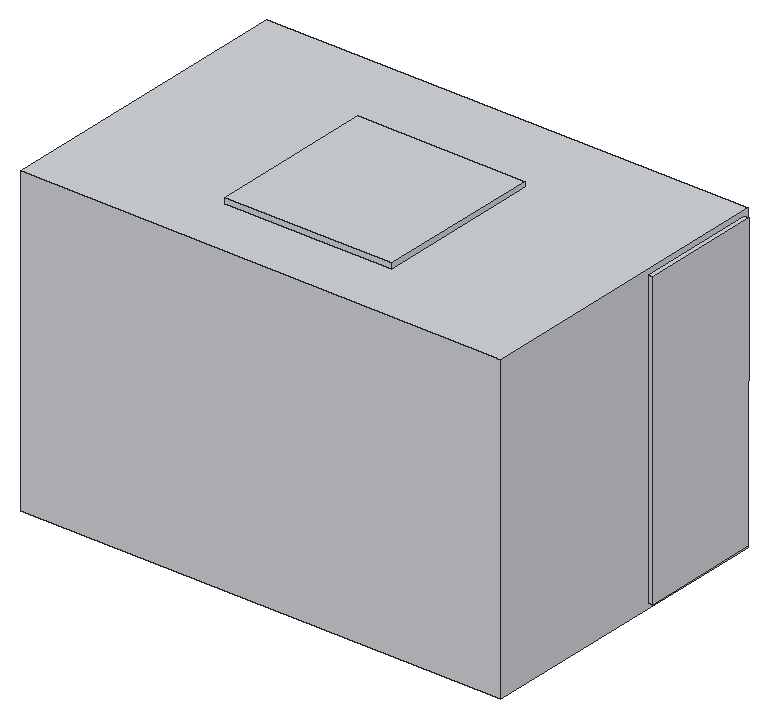
Revit family "M_Módulo do ventilador - Descarga dianteira", category Equipamento mecânico, Revit 2019
Family settings
  Cota do conector redondo = Utilizar diâmetro
  Tipo de parte = Normal
  ID de item do Seek = Fan Module - Front Discharge Up-0000-CAN-ENU
  Com base no plano de trabalho = Não
  Sempre na vertical = Sim
  Corte com vazios quando carregada = Não
  Compartilhado = Não
  Ponto de cálculo do ambiente = Não
Parameters (values of type "9870 LPS")
  Largura = 609.6 mm
  Voltagem = 480 V
  Raio do motor do símbolo = Largura de meia entrada * 0.4  # 490 mm
  Comprimento do símbolo = Largura do ventilador / 2 - Raio do motor do símbolo - 50.8 mm  # 246.6 mm
  Raio 2 = 1 / 6 * Comprimento do ventilador  # 408.333 mm
  Largura da saída = Altura da saída  # 850 mm
  Altura da saída = 850 mm
  Classificação de carga = Refrigeração
  Pressão estática externa [instance] = 186.63 Pa
  Número de pólos = 3
  Largura interna = Altura do ventilador  # 1550 mm
  Altura interna = Comprimento do ventilador  # 2450 mm
  Largura de meia entrada = Comprimento do ventilador / 2  # 1225 mm
  Altura de meia entrada = Largura do ventilador / 2  # 787.4 mm
  Altura do meio ventilador = Altura do ventilador / 2  # 775 mm
  Largura de meia tomada = Largura da saída / 2  # 425 mm
  Altura de meia tomada = Altura da saída / 2  # 425 mm
  Largura do ventilador = 1574.8 mm
  Material do ventilador = none
  Comprimento do ventilador = 2450 mm
  Altura do ventilador = 1550 mm
  Carga aparente [instance] = 120000 VA
  Fluxo de ar [instance] = 9910.9 L/s
Types (17, lengths in mm): name | Largura | Voltagem | Raio do motor do símbolo | Comprimento do símbolo | Raio 2 | Largura da saída | Altura da saída | Largura interna | Altura interna | Largura de meia entrada | Altura de meia entrada | Altura do meio ventilador | Largura de meia tomada | Altura de meia tomada | Largura do ventilador | Comprimento do ventilador | Altura do ventilador | Carga aparente | Fluxo de ar
  (no name) | 609.6 | 480 V | 490 | 246.6 | 408.333 | 850 | 850 | 1550 | 2450 | 1225 | 787.4 | 775 | 425 | 425 | 1574.8 | 2450 | 1550 | 120000 VA | 9910.9 L/s
  846 LPS | 406.4 | 208 V | 160 | 246.4 | 133.333 | 300 | 300 | 650 | 800 | 400 | 457.2 | 325 | 150 | 150 | 914.4 | 800 | 650 | 13000 VA | 849.51 L/s
  1692 LPS | 406.4 | 208 V | 220 | 262.6 | 183.333 | 400 | 400 | 700 | 1100 | 550 | 533.4 | 350 | 200 | 200 | 1066.8 | 1100 | 700 | 26000 VA | 1699.01 L/s
  2256 LPS | 406.4 | 208 V | 240 | 268 | 200 | 450 | 450 | 800 | 1200 | 600 | 558.8 | 400 | 225 | 225 | 1117.6 | 1200 | 800 | 32000 VA | 2265.35 L/s
  2820 LPS | 406.4 | 208 V | 300 | 81 | 250 | 500 | 500 | 850 | 1500 | 750 | 431.8 | 425 | 250 | 250 | 863.6 | 1500 | 850 | 44000 VA | 2831.68 L/s
  3384 LPS | 406.4 | 208 V | 330 | 101.8 | 275 | 550 | 550 | 950 | 1650 | 825 | 482.6 | 475 | 275 | 275 | 965.2 | 1650 | 950 | 53000 VA | 3398.02 L/s
  3948 LPS | 406.4 | 208 V | 350 | 107.2 | 291.667 | 600 | 600 | 1000 | 1750 | 875 | 508 | 500 | 300 | 300 | 1016 | 1750 | 1000 | 63000 VA | 3964.36 L/s
  4794 LPS | 406.4 | 208 V | 380 | 128 | 316.667 | 700 | 700 | 1100 | 1900 | 950 | 558.8 | 550 | 350 | 350 | 1117.6 | 1900 | 1100 | 75000 VA | 4813.86 L/s
  5922 LPS | 609.6 | 208 V | 390 | 194.2 | 325 | 700 | 700 | 1250 | 1950 | 975 | 635 | 625 | 350 | 350 | 1270 | 1950 | 1250 | 95000 VA | 5946.54 L/s
  7050 LPS | 609.6 | 208 V | 400 | 260.4 | 333.333 | 800 | 800 | 1400 | 2000 | 1000 | 711.2 | 700 | 400 | 400 | 1422.4 | 2000 | 1400 | 95000 VA | 7079.21 L/s
  8460 LPS | 609.6 | 208 V | 470 | 190.4 | 391.667 | 800 | 800 | 1400 | 2350 | 1175 | 711.2 | 700 | 400 | 400 | 1422.4 | 2350 | 1400 | 120000 VA | 8495.05 L/s
  9870 LPS | 609.6 | 480 V | 490 | 246.6 | 408.333 | 850 | 850 | 1550 | 2450 | 1225 | 787.4 | 775 | 425 | 425 | 1574.8 | 2450 | 1550 | 120000 VA | 9910.9 L/s
  11280 LPS | 665.2 | 480 V | 560 | 176.6 | 466.667 | 950 | 950 | 1550 | 2800 | 1400 | 787.4 | 775 | 475 | 475 | 1574.8 | 2800 | 1550 | 120000 VA | 11326.7 L/s
  14100 LPS | 665.2 | 480 V | 610 | 228.2 | 508.333 | 1050 | 1050 | 1900 | 3050 | 1525 | 889 | 950 | 525 | 525 | 1778 | 3050 | 1900 | 120000 VA | 14158.4 L/s
  18612 LPS | 609.6 | 480 V | 700 | 316 | 583.333 | 1200 | 1200 | 2350 | 3500 | 1750 | 1066.8 | 1175 | 600 | 600 | 2133.6 | 3500 | 2350 | 120000 VA | 18689.1 L/s
  22560 LPS | 609.6 | 480 V | 700 | 417.6 | 583.333 | 1300 | 1300 | 2800 | 3500 | 1750 | 1168.4 | 1400 | 650 | 650 | 2336.8 | 3500 | 2800 | 120000 VA | 22653.5 L/s
  28200 LPS | 609.6 | 480 V | 770 | 398.4 | 641.667 | 1650 | 1650 | 3050 | 3850 | 1925 | 1219.2 | 1525 | 825 | 825 | 2438.4 | 3850 | 3050 | 120000 VA | 28316.8 L/s
Reference planes
  plane 1 "Centro (Frente/Trás)": y = 0
  plane 2: z = 0
  plane 3 "Centro (Esquerda/Direita)": x = 0
  plane 4: x = -1225
  plane 5: x = 1225
  plane 6: y = -1574.8
  plane 7: z = 1550
  plane 8: x = -1250.4
  plane 9: x = 1250.4
  plane 10: z = 1524.6
  plane 11: z = 25.4
  plane 12: x = -425
  plane 13: x = 425
  plane 14: y = -1270
  plane 15: y = -845
  plane 16: y = -420
  plane 17: z = 1575.4
  plane 18: z = 775
  plane 19: y = -787.4
  plane 20: y = -1277.4
  plane 21: y = -1524
  plane 22: x = 490
  plane 23: y = -25.4
  plane 24: y = -635
Forms (mm)
  Extrusion 1, solid, material <- "Material do ventilador"
    sketch origin (0, 0, 0) x (1, 0, 0) y (0, 1, 0)
      loop
        line (-1225, 0) -> (-1225, -1574.8) -> (1225, -1574.8) -> (1225, 0) -> (-1225, 0)
    from 0 to 1550
  Extrusion 2, solid, material <- "Material do ventilador"
    sketch origin (0, 0, 0) x (1, 0, 0) y (0, 1, 0)
      loop
        line (-425, -420) -> (-425, -1270) -> (425, -1270) -> (425, -420) -> (-425, -420)
    from 1550 to 1575.4
  Extrusion 3, solid, material <- "Material do ventilador"
    sketch origin (0, 0, 0) x (0, 1, 0) y (0, 0, 1)
      loop
        line (-25.4, 1524.6) -> (-635, 1524.6) -> (-635, 25.4) -> (-25.4, 25.4) -> (-25.4, 1524.6)
    from -1250.4 to -1225
  Extrusion 4, solid, material <- "Material do ventilador"
    sketch origin (0, 0, 0) x (0, 1, 0) y (0, 0, 1)
      loop
        line (-25.4, 1524.6) -> (-635, 1524.6) -> (-635, 25.4) -> (-25.4, 25.4) -> (-25.4, 1524.6)
    from 1225 to 1250.4
Cuts and joins
  joined: Extrusion 1, Extrusion 2, Extrusion 3, Extrusion 4
Lines and regions (mm)
  symbolic lines, detail levels coarse+medium
    curve 1: circle (0, -787.4, 775) r 408.333 normal (0, 0, 1)
    curve 2: line (0, -1277.4, 775) -> (0, -1524, 775)
    curve 3: line (0, -1524, 775) -> (490, -1524, 775)
    curve 4: line (490, -1524, 775) -> (490, -787.4, 775)
    curve 5: arc (490, -787.4, 775) -> (-346.482, -440.918, 775) -> (0, -1277.4, 775) r 490
    curve 6: line (-1250.4, 0, 775) -> (1250.4, 0, 775)
    curve 7: line (-1250.4, -1574.8, 775) -> (-1250.4, 0, 775)
    curve 8: line (1250.4, -1574.8, 775) -> (-1250.4, -1574.8, 775)
    curve 9: line (1250.4, 0, 775) -> (1250.4, -1574.8, 775)
  symbolic lines, detail levels fine
    curve 10: line (-1225, 0, 775) -> (1225, 0, 775)
    curve 11: line (-1225, -1574.8, 775) -> (-1225, 0, 775)
    curve 12: line (1225, -1574.8, 775) -> (-1225, -1574.8, 775)
    curve 13: line (1225, 0, 775) -> (1225, -1574.8, 775)
    curve 14: line (-425, -420, 775) -> (425, -420, 775)
    curve 15: line (-425, -1270, 775) -> (-425, -420, 775)
    curve 16: line (425, -1270, 775) -> (-425, -1270, 775)
    curve 17: line (425, -420, 775) -> (425, -1270, 775)
    curve 18: line (-1250.4, -25.4, 775) -> (-1225, -25.4, 775)
    curve 19: line (-1250.4, -635, 775) -> (-1250.4, -25.4, 775)
    curve 20: line (-1225, -635, 775) -> (-1250.4, -635, 775)
    curve 21: line (-1225, -25.4, 775) -> (-1225, -635, 775)
    curve 22: line (1225, -25.4, 775) -> (1250.4, -25.4, 775)
    curve 23: line (1225, -635, 775) -> (1225, -25.4, 775)
    curve 24: line (1250.4, -635, 775) -> (1225, -635, 775)
    curve 25: line (1250.4, -25.4, 775) -> (1250.4, -635, 775)
Dimensions and locks
  equal spacing: plane 4, plane 3 "Centro (Esquerda/Direita)", plane 5
  "Largura de meia entrada": plane 4 to plane 3 "Centro (Esquerda/Direita)"
  "Largura do ventilador": plane 6 to plane 1 "Centro (Frente/Trás)"
  "Altura do ventilador": plane 7 to plane 2
  locked: plane 4 to plane 8 at 25.4
  locked: plane 9 to plane 5 at 25.4
  locked: plane 7 to plane 10 at 25.4
  locked: plane 11 to plane 2 at 25.4
  equal spacing: plane 12, plane 3 "Centro (Esquerda/Direita)", plane 13
  "Largura de meia tomada": plane 12 to plane 3 "Centro (Esquerda/Direita)"
  locked: plane 14 to plane 6 at 304.8
  equal spacing: plane 16, plane 15, plane 14
  "Altura de meia tomada": plane 15 to plane 14
  locked: plane 17 to plane 7 at 25.4
  "Altura do meio ventilador": plane 18 to plane 2
  equal spacing: plane 6, plane 19, plane 1 "Centro (Frente/Trás)"
  "Altura de meia entrada": plane 19 to plane 1 "Centro (Frente/Trás)"
  "Raio do motor do símbolo": plane 19 to plane 20
  "Comprimento do símbolo": plane 20 to plane 21
  "Raio do motor do símbolo": plane 3 "Centro (Esquerda/Direita)" to plane 22
  locked: plane 1 "Centro (Frente/Trás)" to plane 23 at 25.4
  "Largura": plane 23 to plane 24
  "Raio 2": radius of curve 1
  aligned and locked: plane 4 to Extrusion 1 sketch curve
  aligned and locked: plane 1 "Centro (Frente/Trás)" to Extrusion 1 sketch curve
  aligned and locked: plane 6 to Extrusion 1 sketch curve
  aligned and locked: Extrusion 1 sketch curve to plane 5
  aligned and locked: plane 7 to Extrusion 1
  aligned and locked: Extrusion 1 to level
  aligned and locked: plane 12 to Extrusion 2 sketch curve
  aligned and locked: Extrusion 2 sketch curve to plane 16
  aligned and locked: plane 14 to Extrusion 2 sketch curve
  aligned and locked: Extrusion 2 sketch curve to plane 13
  aligned and locked: plane 17 to Extrusion 2
  aligned and locked: Extrusion 2 to plane 7
  aligned and locked: plane 3 "Centro (Esquerda/Direita)" to curve 1
  aligned and locked: plane 19 to curve 1
  aligned and locked: curve 2 to plane 3 "Centro (Esquerda/Direita)"
  aligned and locked: curve 3 to plane 21
  aligned and locked: plane 22 to curve 4
  aligned and locked: plane 20 to curve 5
  aligned and locked: plane 22 to curve 5
  aligned and locked: plane 19 to curve 4
  aligned and locked: plane 8 to curve 6
  aligned and locked: plane 1 "Centro (Frente/Trás)" to curve 6
  aligned and locked: plane 6 to curve 9
  aligned and locked: curve 9 to plane 9
  aligned and locked: curve 10 to cut or joined group of Extrusion 1, Extrusion 2, Extrusion 3, Extrusion 4
  aligned and locked: curve 6 to curve 10
  aligned and locked: curve 8 to curve 13
  aligned and locked: curve 13 to cut or joined group of Extrusion 1, Extrusion 2, Extrusion 3, Extrusion 4
  aligned and locked: curve 14 to cut or joined group of Extrusion 1, Extrusion 2, Extrusion 3, Extrusion 4  (x2)
  aligned and locked: cut or joined group of Extrusion 1, Extrusion 2, Extrusion 3, Extrusion 4 to curve 17
  aligned and locked: curve 17 to cut or joined group of Extrusion 1, Extrusion 2, Extrusion 3, Extrusion 4
  aligned and locked: plane 23 to Extrusion 3 sketch curve
  aligned and locked: plane 10 to Extrusion 3 sketch curve
  aligned and locked: plane 11 to Extrusion 3 sketch curve
  aligned and locked: plane 24 to Extrusion 3 sketch curve
  aligned and locked: Extrusion 3 to plane 8
  aligned and locked: plane 4 to Extrusion 3
  aligned and locked: Extrusion 4 sketch curve to Extrusion 3  (x3)
  aligned and locked: Extrusion 3 to Extrusion 4 sketch curve
  aligned and locked: plane 9 to Extrusion 4
  aligned and locked: Extrusion 4 to plane 5
  aligned and locked: curve 7 to curve 18
  aligned and locked: curve 18 to cut or joined group of Extrusion 1, Extrusion 2, Extrusion 3, Extrusion 4
  aligned and locked: curve 21 to cut or joined group of Extrusion 1, Extrusion 2, Extrusion 3, Extrusion 4
  aligned and locked: curve 21 to curve 11
  aligned and locked: curve 13 to curve 22
  aligned and locked: curve 22 to cut or joined group of Extrusion 1, Extrusion 2, Extrusion 3, Extrusion 4
  aligned and locked: curve 25 to cut or joined group of Extrusion 1, Extrusion 2, Extrusion 3, Extrusion 4
  aligned and locked: curve 9 to curve 25
Connectors
  hvac at (0, -845, 1575.4), driven by "Largura da saída", driven by "Altura da saída", driven by "Fluxo de ar", driven by "Pressão estática externa"
    settings: on cut or joined group of Extrusion 1, Extrusion 2, Extrusion 3, Extrusion 4, index 1, duct flow 9910.9 L/s, flow factor 0, pres drop 186.63 Pa, loss coef 0, conn angle 0.00°, conn width 850 mm, conn height 850 mm, conn diameter 609.6 mm, duct sys type 29, conn prof type 1, flow config 0, flow direction 2, loss method 0, conn ref index 2, conn util no, is conn primary yes, conn desc ""
  hvac at (0, 0, 775), driven by "Altura interna", driven by "Largura interna", driven by "Fluxo de ar"
    settings: on cut or joined group of Extrusion 1, Extrusion 2, Extrusion 3, Extrusion 4, index 2, duct flow 9910.9 L/s, flow factor 0, pres drop 0.0 Pa, loss coef 0, conn angle 0.00°, conn width 1550 mm, conn height 2450 mm, conn diameter 609.6 mm, duct sys type 29, conn prof type 1, flow config 0, flow direction 1, loss method 0, conn ref index 1, conn util no, is conn primary no, conn desc ""
  electrical at (-1250.4, -330.2, 775), driven by "Carga aparente", driven by "Voltagem", driven by "Número de pólos", driven by "Classificação de carga"
    settings: on cut or joined group of Extrusion 1, Extrusion 2, Extrusion 3, Extrusion 4, index 3, voltage 480 V, apparent load 120000 VA, apparent load phase1 0 VA, apparent load phase2 0 VA, apparent load phase3 0 VA, power factor 0.8, load classification "Refrigeração", number of poles 3, system type 30, power factor state 1, is connector primary yes, connector utility no, sub classification motor no, connector description ""
